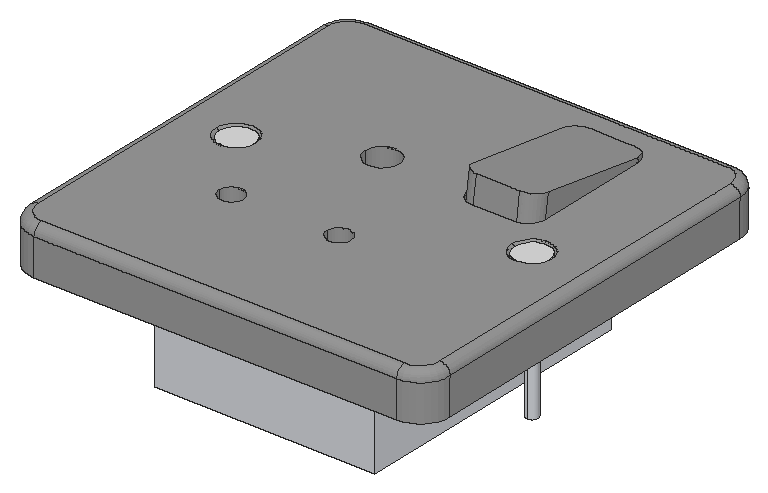
Revit family "ElectricalFixture_WiringAccessories_Hager_Sollysta_WMSS115", category Electrical Fixtures, host Face, Revit 2015
Parameters (values of type "WMSS115")
  Warranty ID = ""
  Voltage (Volts) = "230V/240V"
  Unique Reference = "WMSS115"
  Type = "ElectricalFixture"
  Technical Description = "1Gang15ARoundPinSwitchedSocket"
  Switch = yes
  Supply Phase = "1"
  Size = ""
  Shipping Weight kg = "0.188"
  Shape = "Rectangular"
  Reference Standard = "BS 1363-2"
  Product URL = "http://www.hager.co.uk/product-catalogue/wiring-accessories/sollysta/white-moulded/white-moulded-sockets/58428.htm"
  Product Range = "Sollysta"
  Product Model Number = "WMSS115"
  Product Literature = "http://www.hager.co.uk/product-catalogue/wiring-accessories/sollysta/38662.htm"
  Product Group = "WiringAccessories"
  Product Family = "WhiteMouldedSockets"
  Packaging Recyclable = yes
  Overall Width = 0.0 mm
  Overall Length = 86.0 mm
  Overall Height = 86.0 mm
  Overall Depth = 26.07 mm
  Operation and Maintenance Manual = ""
  Name = "WhiteMouldedSocket_WMSS115"
  Measurement Units = "mm"
  Material = Urea Formaldehyde Thermoset Plastic
  Manufacturer Website = "http://www.hager.co.uk/"
  Manufacturer Country = "United Kingdom"
  Manufacturer = "Hager"
  LED Indicator Switch = no
  Gross Weight kg = "0.165"
  Frequency = "50/60Hz"
  Finish = "Gloss"
  Features = "1Gang15ARoundPinSwitchedSocket"
  Extrusion From Wall = 11.921 mm
  Expected Life = "25 years"
  EAN Code = "3250617262668"
  Design Country = "China"
  Description = "1Gang15ARoundPinSwitchedSocket"
  Default Elevation = 250.0 mm
  Colour = "SollystaWhite"
  CE Approval = yes
Reference planes
  plane 1 "Center (Front/Back)": y = 0
  plane 2: z = 0
  plane 3 "Center (Left/Right)": x = 0
  plane 4: y = -43
  plane 5: y = 43
  plane 6: x = -137
  plane 7: x = -51
  plane 8: z = 9.47
  plane 9: z = -16.6
  plane 10: z = 11.921
  plane 11: y = -471.393
  plane 12: z = -20.53
  plane 13: x = -124.15
  plane 14: x = -63.85
  plane 15: x = -93.992
  plane 16: x = -93.992
Forms (mm)
  Extrusion 1, solid, material "Urea Formaldehyde Thermoset Plastic", detail levels fine
    sketch origin (0, 0, 0) x (1, 0, 0) y (0, 1, 0)
      loop
        arc (-137, -37.005) -> (-135.244, -41.244) -> (-131.005, -43) r 5.995
        line (-131.005, -43) -> (-57.017, -43)
        arc (-57.017, -43) -> (-52.762, -41.238) -> (-51, -36.983) r 6.017
        line (-51, -36.983) -> (-51, 37.035)
        arc (-51, 37.035) -> (-52.747, 41.253) -> (-56.965, 43) r 5.965
        line (-56.965, 43) -> (-131.018, 43)
        arc (-131.018, 43) -> (-135.248, 41.248) -> (-137, 37.018) r 5.982
        line (-137, 37.018) -> (-137, -37.005)
      loop
        circle (-124.15, 0) r 3.228
      loop
        circle (-63.85, 0) r 3.228
      loop
        circle (-101.556, 8.971) r 3.504
      loop
        circle (-112.752, -15.506) r 2.5
      loop
        circle (-91.093, -15.143) r 2.5
      loop
        line (-84.073, 33.176) -> (-84.073, 8.947)
        spline (-84.073, 8.947) -> (-84.045, 8.535) -> (-83.964, 8.13) -> (-83.83, 7.739) -> (-83.645, 7.369) -> (-83.413, 7.026) -> (-83.137, 6.716) -> (-82.823, 6.444) -> (-82.475, 6.214) -> (-82.101, 6.032) -> (-81.705, 5.899) -> (-81.295, 5.819) -> (-80.878, 5.792)
        line (-80.878, 5.792) -> (-72.102, 5.792)
        spline (-72.102, 5.792) -> (-71.674, 5.819) -> (-71.253, 5.902) -> (-70.846, 6.038) -> (-70.461, 6.226) -> (-70.104, 6.461) -> (-69.782, 6.741) -> (-69.499, 7.059) -> (-69.26, 7.412) -> (-69.07, 7.792) -> (-68.933, 8.193) -> (-68.849, 8.609) -> (-68.821, 9.032)
        line (-68.821, 9.032) -> (-68.821, 33.103)
        spline (-68.821, 33.103) -> (-68.849, 33.53) -> (-68.933, 33.949) -> (-69.073, 34.354) -> (-69.264, 34.737) -> (-69.504, 35.092) -> (-69.79, 35.414) -> (-70.115, 35.695) -> (-70.475, 35.933) -> (-70.863, 36.122) -> (-71.273, 36.259) -> (-71.697, 36.343) -> (-72.129, 36.371)
        line (-72.129, 36.371) -> (-80.838, 36.371)
        spline (-80.838, 36.371) -> (-81.26, 36.343) -> (-81.675, 36.262) -> (-82.076, 36.127) -> (-82.455, 35.943) -> (-82.807, 35.71) -> (-83.125, 35.435) -> (-83.404, 35.121) -> (-83.639, 34.773) -> (-83.826, 34.398) -> (-83.962, 34.003) -> (-84.045, 33.593) -> (-84.073, 33.176)
    from 0 to 9.47
  Sweep 2, void
    path origin (0, 0, 0) x (1, 0, 0) y (0, 1, 0)
      loop
        line (-137, 37.018) -> (-137, -37.005)
        arc (-137, -37.005) -> (-135.244, -41.244) -> (-131.005, -43) r 5.995
        line (-131.005, -43) -> (-57.017, -43)
        arc (-57.017, -43) -> (-52.762, -41.238) -> (-51, -36.983) r 6.017
        line (-51, -36.983) -> (-51, 37.035)
        arc (-51, 37.035) -> (-52.747, 41.253) -> (-56.965, 43) r 5.965
        line (-56.965, 43) -> (-131.018, 43)
        arc (-131.018, 43) -> (-135.248, 41.248) -> (-137, 37.018) r 5.982
    profile origin (-137, 0.007, 0) x (1, 0, 0) y (0, 0, 1)
      loop
        line (0, 9.47) -> (0, 7.462)
        arc (0, 7.462) -> (0.588, 8.882) -> (2.008, 9.47) r 2.008
        line (2.008, 9.47) -> (0, 9.47)
  Sweep 3, void
    path origin (0, 0, 0) x (1, 0, 0) y (0, 1, 0)
      loop
        circle (-63.85, 0) r 3.228
    profile origin (-63.85, 3.228, 0) x (0, -1, 0) y (0, 0, 1)
      loop
        line (0, 9.47) -> (-0.814, 9.47)
        arc (-0.814, 9.47) -> (-0.347, 9.123) -> (0, 8.656) r 2
        line (0, 8.656) -> (0, 9.47)
  Sweep 4, void
    path origin (0, 0, 0) x (1, 0, 0) y (0, 1, 0)
      loop
        circle (-124.15, 0) r 3.228
    profile origin (-124.15, 3.228, 0) x (0, 1, 0) y (0, 0, 1)
      loop
        line (0, 9.47) -> (0, 8.656)
        arc (0, 8.656) -> (0.346, 9.124) -> (0.814, 9.47) r 1.964
        line (0.814, 9.47) -> (0, 9.47)
  Extrusion 5, solid, material "Steel, Chrome Plated", detail levels fine
    sketch origin (0, 0, 0) x (1, 0, 0) y (0, 1, 0)
      loop
        circle (-124.15, 0) r 3.542
    from -1.167 to 9.196
  Extrusion 6, solid, material "Steel, Chrome Plated", detail levels fine
    sketch origin (0, 0, 0) x (-1, 0, 0) y (0, -1, 0)
      loop
        circle (63.85, 0) r 3.542
    from -1.167 to 9.196
  Extrusion 7, solid, material "Urea Formaldehyde Thermoset Plastic", detail levels medium
    sketch origin (0, 0, 0) x (1, 0, 0) y (0, 1, 0)
      loop
        line (-137, 43) -> (-137, -43) -> (-51, -43) -> (-51, 43) -> (-137, 43)
    from 0 to 9.47
  Extrusion 8, solid
    sketch origin (-184.307, 0, -1.167) x (0, 1, 0) y (-1, 0, 0)
      loop
        circle (0, -60.15) r 1.2
    from 0 to 19.363
  Extrusion 9, solid
    sketch origin (0, 0, -1.167) x (0, -1, 0) y (1, 0, 0)
      loop
        circle (0, -63.85) r 1.2
    from 0 to 19.363
  Extrusion 10, solid, material "Urea Formaldehyde Thermoset Plastic", detail levels medium
    sketch origin (0, 0, 0) x (1, 0, 0) y (0, 1, 0)
      loop
        line (-137, -43) -> (-51, -43) -> (-51, 43) -> (-137, 43) -> (-137, -43)
    from 0 to 9.47
  Extrusion 11, solid, material "Urea Formaldehyde Thermoset Plastic", visible <- "Switch", detail levels fine
    sketch origin (-1.225, -0.045, 6.124) x (1, 0, 0) y (0, 0.987688, -0.156434)
      loop
        arc (-82.848, 9.104) -> (-81.912, 6.845) -> (-79.653, 5.91) r 3.194
        line (-79.653, 5.91) -> (-70.877, 5.91)
        arc (-70.877, 5.91) -> (-68.557, 6.871) -> (-67.596, 9.191) r 3.281
        line (-67.596, 9.191) -> (-67.596, 32.07)
        arc (-67.596, 32.07) -> (-68.565, 34.409) -> (-70.904, 35.378) r 3.308
        line (-70.904, 35.378) -> (-72.778, 35.378) -> (-77.654, 35.378) -> (-79.613, 35.378)
        arc (-79.613, 35.378) -> (-81.9, 34.431) -> (-82.848, 32.143) r 3.235
        line (-82.848, 32.143) -> (-82.848, 9.104)
    from 0 to 9.42
  Extrusion 12, solid, detail levels medium+fine
    sketch origin (0, 0, 0) x (1, 0, 0) y (0, 1, 0)
      loop
        line (-116.589, 29.634) -> (-116.589, -30.366) -> (-71.589, -30.366) -> (-71.589, 29.634) -> (-116.589, 29.634)
    from -20.53 to 0
Cuts and joins
  Sweep 2, Sweep 3, Sweep 4 cuts Extrusion 1
Lines and regions (mm)
  symbolic lines, style "ElectricalFixtures", not visible, detail levels coarse
    curve 1: line (130.57, -504.912, 19.848) -> (60.57, -504.912, 19.848)
    curve 2: arc (130.57, -504.912, 19.848) -> (95.57, -504.912, 54.848) -> (60.57, -504.912, 19.848) r 35
    curve 3: circle (95.57, -504.912, 54.848) r 6 normal (0, 1, 0)
    curve 4: line (95.57, -504.912, 54.848) -> (95.57, -504.912, 99.848)
    curve 5: line (95.57, -504.912, 99.848) -> (125.57, -504.912, 99.848)
    curve 6: line (95.57, -504.912, 54.848) -> (67.93, -504.912, 87.788)
    curve 7: line (67.93, -504.912, 87.788) -> (53.835, -504.912, 75.96)
  symbolic lines, style "ElectricalFixtures", detail levels coarse
    curve 8: line (-128.492, -504.912, 0.397) -> (-58.492, -504.912, 0.397)
    curve 9: arc (-128.492, -504.912, 0.397) -> (-93.492, -504.912, 35.397) -> (-58.492, -504.912, 0.397) r 35
    curve 10: circle (-93.492, -504.912, 35.397) r 6 normal (0, -1, 0)
    curve 11: line (-93.492, -504.912, 35.397) -> (-93.492, -504.912, 80.397)
    curve 12: line (-93.492, -504.912, 80.397) -> (-123.492, -504.912, 80.397)
    curve 13: line (-93.492, -504.912, 35.397) -> (-65.852, -504.912, 68.337)
    curve 14: line (-65.852, -504.912, 68.337) -> (-51.756, -504.912, 56.509)
  model lines, detail levels coarse
    curve 15: line (-137, 43, 0) -> (-51, 43, 0)
    curve 16: line (-137, -43, 0) -> (-137, 43, 0)
    curve 17: line (-51, -43, 0) -> (-137, -43, 0)
    curve 18: line (-51, 43, 0) -> (-51, -43, 0)
    curve 19: arc (-120.108, 0, 0) -> (-124.15, -4.042, 0) -> (-128.192, 0, 0) r 4.042
    curve 20: arc (-128.192, 0, 0) -> (-124.15, 4.042, 0) -> (-120.108, 0, 0) r 4.042
    curve 21: arc (-59.808, 0, 0) -> (-63.85, -4.042, 0) -> (-67.892, 0, 0) r 4.042
    curve 22: arc (-67.892, 0, 0) -> (-63.85, 4.042, 0) -> (-59.808, 0, 0) r 4.042
  model lines
    curve 23: arc (-98.052, 8.971, 0) -> (-101.556, 5.467, 0) -> (-105.06, 8.971, 0) r 3.504
    curve 24: arc (-105.06, 8.971, 0) -> (-101.556, 12.475, 0) -> (-98.052, 8.971, 0) r 3.504
    curve 25: arc (-110.252, -15.506, 0) -> (-112.752, -18.006, 0) -> (-115.252, -15.506, 0) r 2.5
    curve 26: arc (-115.252, -15.506, 0) -> (-112.752, -13.006, 0) -> (-110.252, -15.506, 0) r 2.5
    curve 27: arc (-88.593, -15.143, 0) -> (-91.093, -17.643, 0) -> (-93.593, -15.143, 0) r 2.5
    curve 28: arc (-93.593, -15.143, 0) -> (-91.093, -12.643, 0) -> (-88.593, -15.143, 0) r 2.5
    curve 29: arc (-67.392, 0, 0) -> (-63.85, -3.542, 0) -> (-60.308, 0, 0) r 3.542
Dimensions and locks
  plane 10 to plane 9 = 28.521 mm
  plane 8 to plane 9 = 26.07 mm
  plane 2 to plane 9 = 16.6 mm
  "Overall Length": plane 6 to plane 7
  "Overall Height": plane 4 to plane 5
  "Overall Depth": plane 9 to plane 8
  plane 2 to plane 10 = 11.921 mm
  plane 8 to plane 12 = 30.0 mm
  aligned and locked: plane 2 to host face
  aligned and locked: level to host face
  aligned and locked: Extrusion 1 to plane 8
  aligned and locked: Extrusion 7 to plane 8
  aligned and locked: Extrusion 6 to Extrusion 8
  aligned and locked: Extrusion 9 to Extrusion 5
  aligned and locked: plane 12 to Extrusion 9
  aligned and locked: Extrusion 10 to plane 8
  aligned and locked: Extrusion 10 to level
  aligned and locked: curve 23 to cut or joined group of Extrusion 1, Sweep 2, Sweep 3, Sweep 4
  aligned and locked: curve 24 to cut or joined group of Extrusion 1, Sweep 2, Sweep 3, Sweep 4
  aligned and locked: curve 25 to cut or joined group of Extrusion 1, Sweep 2, Sweep 3, Sweep 4
  aligned and locked: curve 26 to cut or joined group of Extrusion 1, Sweep 2, Sweep 3, Sweep 4
  aligned and locked: curve 27 to cut or joined group of Extrusion 1, Sweep 2, Sweep 3, Sweep 4
  aligned and locked: curve 28 to cut or joined group of Extrusion 1, Sweep 2, Sweep 3, Sweep 4
  aligned and locked: Extrusion 8 to Extrusion 12
Automatic sketch dimensions
  host sketch curve to host sketch curve = 2438.4 mm  (x2)
  Sweep 2 sketch curve to plane 6 = 0.0 mm
  plane 5 to Sweep 2 sketch curve = 0.0 mm
  plane 4 to Sweep 2 sketch curve = 0.0 mm
  Sweep 2 sketch curve to Sweep 2 sketch curve = 5.982 mm
  plane 6 to Sweep 2 sketch curve = 5.995 mm
  Sweep 2 sketch curve to plane 7 = 6.017 mm
  Sweep 2 sketch curve to plane 7 = 5.965 mm
  plane 7 to Sweep 2 sketch curve = 0.0 mm
  profile plane to Sweep 2 sketch curve = 0.0 mm
  Sweep 2 sketch curve to Sweep 2 sketch curve = 2.008 mm
  level to Sweep 2 sketch curve = 7.462 mm
  plane 1 "Center (Front/Back)" to Sweep 3 sketch curve = 0.0 mm
  Sweep 3 sketch curve to plane 14 = 0.0 mm
  Sweep 3 sketch curve to profile plane = 0.0 mm
  Sweep 3 sketch curve to Sweep 3 sketch curve = 0.814 mm
  profile plane to Sweep 3 sketch curve = 1.761 mm
  level to Sweep 3 sketch curve = 7.709 mm
  Sweep 3 sketch curve to Sweep 3 sketch curve = 0.947 mm
  Sweep 4 sketch curve to Sweep 4 sketch curve = 0.0 mm  (x2)
  plane 1 "Center (Front/Back)" to Sweep 4 sketch curve = 0.0 mm
  Sweep 4 sketch curve to plane 13 = 0.0 mm
  Sweep 4 sketch curve to plane 13 = 3.228 mm
  Sweep 4 sketch curve to profile plane = 0.0 mm
  Sweep 4 sketch curve to profile plane = 0.814 mm
  Sweep 4 sketch curve to profile plane = 1.735 mm
  level to Sweep 4 sketch curve = 7.735 mm
  Sweep 4 sketch curve to Sweep 4 sketch curve = 0.921 mm
  Extrusion 5 sketch curve to Extrusion 5 sketch curve = 0.0 mm  (x2)
  plane 1 "Center (Front/Back)" to Extrusion 5 sketch curve = 0.0 mm
  Extrusion 5 sketch curve to plane 13 = 0.0 mm
  Extrusion 5 sketch curve to plane 13 = 3.542 mm
  Extrusion 6 sketch curve to Extrusion 6 sketch curve = 0.0 mm  (x2)
  plane 1 "Center (Front/Back)" to Extrusion 6 sketch curve = 0.0 mm
  plane 14 to Extrusion 6 sketch curve = 0.0 mm
  Extrusion 6 sketch curve to plane 14 = 3.542 mm
  plane 4 to Extrusion 7 sketch curve = 0.0 mm
  Extrusion 7 sketch curve to plane 6 = 0.0 mm
  Extrusion 7 sketch curve to plane 7 = 0.0 mm
  plane 5 to Extrusion 7 sketch curve = 0.0 mm
  plane 5 to Extrusion 10 sketch curve = 0.0 mm
  Extrusion 10 sketch curve to plane 6 = 0.0 mm
  Extrusion 10 sketch curve to plane 7 = 0.0 mm
  plane 4 to Extrusion 10 sketch curve = 0.0 mm
  Extrusion 1 sketch curve to plane 6 = 0.0 mm
  plane 5 to Extrusion 1 sketch curve = 0.0 mm
  plane 4 to Extrusion 1 sketch curve = 0.0 mm
  plane 1 "Center (Front/Back)" to Extrusion 1 sketch curve = 0.0 mm  (x2)
  Extrusion 1 sketch curve to plane 13 = 0.0 mm
  Extrusion 1 sketch curve to plane 14 = 0.0 mm
  plane 6 to Extrusion 1 sketch curve = 5.982 mm
  Extrusion 1 sketch curve to plane 4 = 5.995 mm
  plane 13 to Extrusion 1 sketch curve = 11.398 mm
  Extrusion 1 sketch curve to plane 1 "Center (Front/Back)" = 8.971 mm
  plane 13 to Extrusion 1 sketch curve = 22.594 mm
  Extrusion 1 sketch curve to Extrusion 1 sketch curve = 21.659 mm
  Extrusion 1 sketch curve to plane 7 = 6.017 mm
  Extrusion 1 sketch curve to plane 7 = 5.965 mm
  plane 7 to Extrusion 1 sketch curve = 0.0 mm
  plane 1 "Center (Front/Back)" to Extrusion 1 sketch curve = 15.506 mm
  plane 1 "Center (Front/Back)" to Extrusion 1 sketch curve = 15.143 mm
  Extrusion 11 sketch curve to plane 7 = 33.073 mm
  Extrusion 11 sketch curve to Extrusion 11 sketch curve = 3.194 mm
  Extrusion 11 sketch curve to Extrusion 11 sketch curve = 3.235 mm
  Extrusion 11 sketch curve to Extrusion 11 sketch curve = 1.959 mm
  Extrusion 11 sketch curve to Extrusion 11 sketch curve = 4.875 mm
  Extrusion 11 sketch curve to Extrusion 11 sketch curve = 1.874 mm
  Extrusion 11 sketch curve to Extrusion 11 sketch curve = 8.776 mm
  Extrusion 11 sketch curve to Extrusion 11 sketch curve = 3.281 mm
  Extrusion 11 sketch curve to Extrusion 11 sketch curve = 22.879 mm
  Extrusion 1 sketch curve to Extrusion 1 sketch curve = 17.483 mm
  Extrusion 1 sketch curve to plane 1 "Center (Front/Back)" = 8.947 mm
  Extrusion 1 sketch curve to Extrusion 1 sketch curve = 3.194 mm
  Extrusion 1 sketch curve to Extrusion 1 sketch curve = 3.155 mm
  plane 5 to Extrusion 1 sketch curve = 9.824 mm
  Extrusion 1 sketch curve to Extrusion 1 sketch curve = 5.582 mm
  Extrusion 1 sketch curve to Extrusion 1 sketch curve = 3.281 mm
  Extrusion 1 sketch curve to Extrusion 1 sketch curve = 3.241 mm
  Extrusion 1 sketch curve to Extrusion 1 sketch curve = 3.308 mm
  Extrusion 1 sketch curve to Extrusion 1 sketch curve = 3.268 mm
  Extrusion 1 sketch curve to Extrusion 1 sketch curve = 3.235 mm
  Extrusion 1 sketch curve to Extrusion 1 sketch curve = 3.195 mm
  curve 19 to curve 20 = 0.0 mm  (x2)
  curve 21 to curve 22 = 0.0 mm  (x2)
  plane 4 to curve 17 = 0.0 mm
  curve 17 to plane 6 = 0.0 mm
  plane 1 "Center (Front/Back)" to curve 20 = 0.0 mm
  curve 19 to plane 13 = 0.0 mm
  plane 1 "Center (Front/Back)" to curve 22 = 0.0 mm
  plane 1 "Center (Front/Back)" to curve 29 = 0.0 mm
  curve 21 to plane 14 = 0.0 mm
  plane 5 to curve 18 = 0.0 mm
  curve 18 to plane 7 = 0.0 mm
  curve 29 to plane 14 = 0.0 mm
  curve 20 to curve 19 = 4.042 mm
  curve 22 to curve 29 = 4.042 mm
  curve 21 to curve 29 = 0.5 mm
  curve 9 to curve 14 = 7.36 mm
  curve 13 to curve 11 = 27.64 mm
  curve 10 to curve 11 = 0.0 mm
  curve 10 to curve 9 = 0.0 mm
  curve 11 to curve 13 = 12.06 mm
  curve 13 to curve 10 = 32.94 mm
  curve 10 to curve 9 = 35.0 mm
  curve 14 to curve 13 = 14.095 mm
  curve 13 to curve 11 = 0.0 mm
  curve 11 to curve 12 = 30.0 mm
  curve 2 to curve 7 = 7.36 mm
  curve 6 to curve 4 = 27.64 mm
  curve 3 to curve 4 = 0.0 mm
  curve 3 to curve 2 = 0.0 mm
  curve 6 to curve 4 = 12.06 mm
  curve 3 to curve 6 = 32.94 mm
  curve 2 to curve 3 = 35.0 mm
  curve 7 to curve 6 = 14.095 mm
  curve 6 to curve 4 = 0.0 mm
  curve 4 to curve 5 = 30.0 mm
  plane 13 to Extrusion 12 sketch curve = 7.561 mm
  Extrusion 12 sketch curve to plane 14 = 7.739 mm
  Extrusion 12 sketch curve to plane 4 = 12.634 mm
  plane 5 to Extrusion 12 sketch curve = 13.366 mm
  radius of Sweep 3 sketch curve = 3.228 mm
  radius of Extrusion 8 sketch curve = 1.2 mm
  radius of Extrusion 9 sketch curve = 1.2 mm
  radius of Extrusion 1 sketch curve = 3.228 mm  (x2)
  radius of Extrusion 1 sketch curve = 3.504 mm
  radius of Extrusion 1 sketch curve = 2.5 mm  (x2)
  radius of curve 10 = 6.0 mm
  radius of curve 3 = 6.0 mm
Connectors
  electrical at (-94.001, 0.008, 0)
    settings: on cut or joined group of Extrusion 1, Sweep 2, Sweep 3, Sweep 4, index 1, voltage 230 V, apparent load 0 VA, apparent load phase1 0 VA, apparent load phase2 0 VA, apparent load phase3 0 VA, power factor 1, load classification "Other", number of poles 1, system type 31, power factor state 1, is connector primary yes, connector utility no, sub classification motor no, connector description ""
